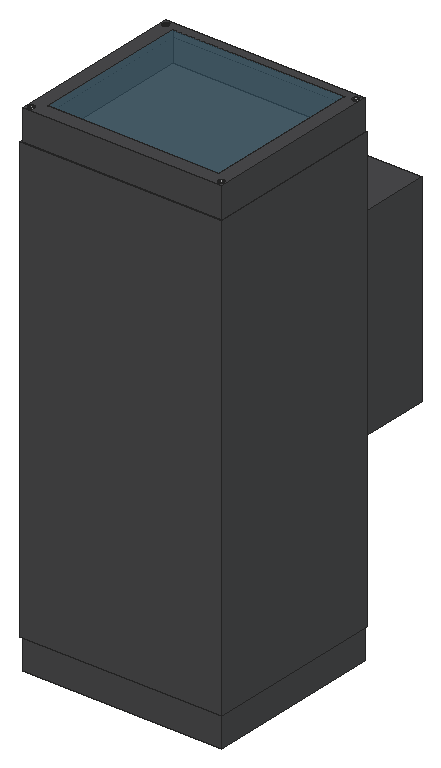
Revit family "LED QUADRATE 02_AM24W.2.12", category Luminarias, Revit 2019
Family settings
  Cota de conector redondo = Diámetro de uso
  Tipo de pieza = Normal
  Se basa en plano de trabajo = Sí
  Siempre vertical = No
  Corte con vacíos al cargar = No
  Origen de luz = Sí
  Compartido = No
  Punto de cálculo de habitación = No
Parameters (values of type "LED QUADRATE 02_AM24W.2.12")
  Ángulo de inclinación = 60.00°
  Ángulo de enfoque = 12.00°
  Ángulo de campo de foco = 12.00°
  Zone [instance] = ""
  Watt per fixture = 26.5
  Wattage = 26.5 W
  built-in parameter 1150107 = 3000 (stored number, unit not read)
  built-in parameter 1150110 = 1 (stored number, unit not read)
  built-in parameter 1150109 = 1 (stored number, unit not read)
  built-in parameter 1150112 = 1 (stored number, unit not read)
  built-in parameter 1150113 = 1 (stored number, unit not read)
  built-in parameter 1114218 = 1 (stored number, unit not read)
  Keynote = ""
  built-in parameter 1150137 = (empty or 0)
  built-in parameter 1150132 = (empty or 0)
  Modelo = "AM24W.2.12"
  Lámpara = "NICHIA"
  Longitud de símbolo de origen de luz = 1000 mm
  built-in parameter 1150105 = 8365.2 (stored number, unit not read)
  built-in parameter 1150102 = (empty or 0)
  built-in parameter 1150106 = 83.652 (stored number, unit not read)
  Lumens = 2501.86 lm
  Color Filter = 16777215
  built-in parameter 1114217 = 1 (stored number, unit not read)
  built-in parameter 1150139 = (empty or 0)
  Fabricante = "BRILLANT"
  Default Elevation = 0 mm
  built-in parameter 1150104 = 8.771 (stored number, unit not read)
  Descripción = "LUMINARIA DIRIGIBLE TIPO ARBOTANTE, DOBLE HAZ DE LUZ (UP & DOWN), DE MATERIAL EN ALUMINIO FUNDIDO A PRESION CUBIERTO CON POLVO GRIS OSCURO Y VIDRIO DE 3MM, CON UN PESO DE 3KG, CON 2 LED TIPO NICHIA Y UNA POTENCIA TOTAL DE 26.5W, 2X1251 LUMENES, TEMPERATURA EN BLANCO CALIDO 3000K, IRC 80, IP 65, IK 06, APERTURA DE 12 GRADOS POR PROYECTO, CORRIENTE DE OPERACIÓN 211mA, CABLE DE 0.3M, ALIMENTADO A 100-240VAC"
  built-in parameter 1150115 = 1 (stored number, unit not read)
  built-in parameter 1150114 = 1 (stored number, unit not read)
  Comentarios de vataje = "100-240V"
  built-in parameter 1150138 = (empty or 0)
  built-in parameter 1150134 = (empty or 0)
  Circuit [instance] = ""
  Dimming Lamp Color Temperature Shift = (empty or 0)
  built-in parameter 1150133 = 10 (stored number, unit not read)
Reference planes
  plane 1 "Centro (Frontal/Posterior)": y = 0
  plane 2: z = 0
  plane 3 "Centro (Izquierda/Derecha)": x = 0
Forms (mm)
  Revolve 1, solid, material "Cristal", not visible
    sketch origin (-152, 0, 0) x (0, 1, 0) y (0, 0, -1)
      loop
        line (0, -8.749) -> (0, -7.25) -> (-1.499, -7.25)
        arc (-1.499, -7.25) -> (-1.06, -8.31) -> (0, -8.749) r 1.499
      axis (0, -7.25) -> (-1.499, -7.25)
    angle from 0 to 360
  Revolve 2, solid, material "Cristal", not visible
    sketch origin (-136, 0, 0) x (0, 1, 0) y (0, 0, -1)
      loop
        line (0, -8.749) -> (0, -7.25) -> (-1.499, -7.25)
        arc (-1.499, -7.25) -> (-1.06, -8.31) -> (0, -8.749) r 1.499
      axis (0, -7.25) -> (-1.499, -7.25)
    angle from 0 to 360
  Revolve 3, solid, material "Cristal", not visible
    sketch origin (-120, 0, 0) x (0, 1, 0) y (0, 0, -1)
      loop
        line (0, -8.749) -> (0, -7.25) -> (-1.499, -7.25)
        arc (-1.499, -7.25) -> (-1.06, -8.31) -> (0, -8.749) r 1.499
      axis (0, -7.25) -> (-1.499, -7.25)
    angle from 0 to 360
  Revolve 4, solid, material "Cristal", not visible
    sketch origin (-104, 0, 0) x (0, 1, 0) y (0, 0, -1)
      loop
        line (0, -8.749) -> (0, -7.25) -> (-1.499, -7.25)
        arc (-1.499, -7.25) -> (-1.06, -8.31) -> (0, -8.749) r 1.499
      axis (0, -7.25) -> (-1.499, -7.25)
    angle from 0 to 360
  Revolve 5, solid, material "Cristal", not visible
    sketch origin (-88, 0, 0) x (0, 1, 0) y (0, 0, -1)
      loop
        line (0, -8.749) -> (0, -7.25) -> (-1.499, -7.25)
        arc (-1.499, -7.25) -> (-1.06, -8.31) -> (0, -8.749) r 1.499
      axis (0, -7.25) -> (-1.499, -7.25)
    angle from 0 to 360
  Revolve 6, solid, material "Cristal", not visible
    sketch origin (-72, 0, 0) x (0, 1, 0) y (0, 0, -1)
      loop
        line (0, -8.749) -> (0, -7.25) -> (-1.499, -7.25)
        arc (-1.499, -7.25) -> (-1.06, -8.31) -> (0, -8.749) r 1.499
      axis (0, -7.25) -> (-1.499, -7.25)
    angle from 0 to 360
  Revolve 7, solid, material "Cristal", not visible
    sketch origin (-56, 0, 0) x (0, 1, 0) y (0, 0, -1)
      loop
        line (0, -8.749) -> (0, -7.25) -> (-1.499, -7.25)
        arc (-1.499, -7.25) -> (-1.06, -8.31) -> (0, -8.749) r 1.499
      axis (0, -7.25) -> (-1.499, -7.25)
    angle from 0 to 360
  Revolve 8, solid, material "Cristal", not visible
    sketch origin (-40, 0, 0) x (0, 1, 0) y (0, 0, -1)
      loop
        line (0, -8.749) -> (0, -7.25) -> (-1.499, -7.25)
        arc (-1.499, -7.25) -> (-1.06, -8.31) -> (0, -8.749) r 1.499
      axis (0, -7.25) -> (-1.499, -7.25)
    angle from 0 to 360
  Revolve 9, solid, material "Cristal", not visible
    sketch origin (-24, 0, 0) x (0, 1, 0) y (0, 0, -1)
      loop
        line (0, -8.749) -> (0, -7.25) -> (-1.499, -7.25)
        arc (-1.499, -7.25) -> (-1.06, -8.31) -> (0, -8.749) r 1.499
      axis (0, -7.25) -> (-1.499, -7.25)
    angle from 0 to 360
  Revolve 10, solid, material "Cristal", not visible
    sketch origin (-8, 0, 0) x (0, 1, 0) y (0, 0, -1)
      loop
        line (0, -8.749) -> (0, -7.25) -> (-1.499, -7.25)
        arc (-1.499, -7.25) -> (-1.06, -8.31) -> (0, -8.749) r 1.499
      axis (0, -7.25) -> (-1.499, -7.25)
    angle from 0 to 360
  Revolve 11, solid, material "Cristal", not visible
    sketch origin (8, 0, 0) x (0, 1, 0) y (0, 0, -1)
      loop
        line (0, -8.749) -> (0, -7.25) -> (-1.499, -7.25)
        arc (-1.499, -7.25) -> (-1.06, -8.31) -> (0, -8.749) r 1.499
      axis (0, -7.25) -> (-1.499, -7.25)
    angle from 0 to 360
  Revolve 12, solid, material "Cristal", not visible
    sketch origin (24, 0, 0) x (0, 1, 0) y (0, 0, -1)
      loop
        line (0, -8.749) -> (0, -7.25) -> (-1.499, -7.25)
        arc (-1.499, -7.25) -> (-1.06, -8.31) -> (0, -8.749) r 1.499
      axis (0, -7.25) -> (-1.499, -7.25)
    angle from 0 to 360
  Revolve 13, solid, material "Cristal", not visible
    sketch origin (40, 0, 0) x (0, 1, 0) y (0, 0, -1)
      loop
        line (0, -8.749) -> (0, -7.25) -> (-1.499, -7.25)
        arc (-1.499, -7.25) -> (-1.06, -8.31) -> (0, -8.749) r 1.499
      axis (0, -7.25) -> (-1.499, -7.25)
    angle from 0 to 360
  Revolve 14, solid, material "Cristal", not visible
    sketch origin (56, 0, 0) x (0, 1, 0) y (0, 0, -1)
      loop
        line (0, -8.749) -> (0, -7.25) -> (-1.499, -7.25)
        arc (-1.499, -7.25) -> (-1.06, -8.31) -> (0, -8.749) r 1.499
      axis (0, -7.25) -> (-1.499, -7.25)
    angle from 0 to 360
  Revolve 15, solid, material "Cristal", not visible
    sketch origin (72, 0, 0) x (0, 1, 0) y (0, 0, -1)
      loop
        line (0, -8.749) -> (0, -7.25) -> (-1.499, -7.25)
        arc (-1.499, -7.25) -> (-1.06, -8.31) -> (0, -8.749) r 1.499
      axis (0, -7.25) -> (-1.499, -7.25)
    angle from 0 to 360
  Revolve 16, solid, material "Cristal", not visible
    sketch origin (88, 0, 0) x (0, 1, 0) y (0, 0, -1)
      loop
        line (0, -8.749) -> (0, -7.25) -> (-1.499, -7.25)
        arc (-1.499, -7.25) -> (-1.06, -8.31) -> (0, -8.749) r 1.499
      axis (0, -7.25) -> (-1.499, -7.25)
    angle from 0 to 360
  Revolve 17, solid, material "Cristal", not visible
    sketch origin (104, 0, 0) x (0, 1, 0) y (0, 0, -1)
      loop
        line (0, -8.749) -> (0, -7.25) -> (-1.499, -7.25)
        arc (-1.499, -7.25) -> (-1.06, -8.31) -> (0, -8.749) r 1.499
      axis (0, -7.25) -> (-1.499, -7.25)
    angle from 0 to 360
  Revolve 18, solid, material "Cristal", not visible
    sketch origin (120, 0, 0) x (0, 1, 0) y (0, 0, -1)
      loop
        line (0, -8.749) -> (0, -7.25) -> (-1.499, -7.25)
        arc (-1.499, -7.25) -> (-1.06, -8.31) -> (0, -8.749) r 1.499
      axis (0, -7.25) -> (-1.499, -7.25)
    angle from 0 to 360
  Revolve 19, solid, material "Cristal", not visible
    sketch origin (136, 0, 0) x (0, 1, 0) y (0, 0, -1)
      loop
        line (0, -8.749) -> (0, -7.25) -> (-1.499, -7.25)
        arc (-1.499, -7.25) -> (-1.06, -8.31) -> (0, -8.749) r 1.499
      axis (0, -7.25) -> (-1.499, -7.25)
    angle from 0 to 360
  Revolve 20, solid, material "Cristal", not visible
    sketch origin (152, 0, 0) x (0, 1, 0) y (0, 0, -1)
      loop
        line (0, -8.749) -> (0, -7.25) -> (-1.499, -7.25)
        arc (-1.499, -7.25) -> (-1.06, -8.31) -> (0, -8.749) r 1.499
      axis (0, -7.25) -> (-1.499, -7.25)
    angle from 0 to 360
  Extrusion 21, solid, material "Default Form"
    sketch origin (0, -22.645, 0) x (1, 0, 0) y (0, 1, 0)
      loop
        line (-50, -23.355) -> (-50, -113.355) -> (50, -113.355) -> (50, -23.355) -> (-50, -23.355)
    from 0 to 249.594
  Extrusion 22, void
    sketch origin (0, -22.645, 0) x (1, 0, 0) y (0, 1, 0)
      loop
        line (-42.5, -28.071) -> (-42.5, -105.586) -> (42.5, -105.586) -> (42.5, -28.071) -> (-42.5, -28.071)
    from 0 to 8.669
  Extrusion 23, solid, material "Cristal"
    sketch origin (0, -46, -127.046) x (0, -1, 0) y (1, 0, 0)
      loop
        line (4.715, -42.5) -> (82.231, -42.5) -> (82.231, 42.5) -> (4.715, 42.5) -> (4.715, -42.5)
    from 127.046 to 130.208
  Extrusion 24, void
    sketch origin (0, -46, -129.011) x (0, -1, 0) y (1, 0, 0)
      loop
        circle (3.34, -47.069) r 1.481
      loop
        circle (3.34, 47.069) r 1.481
      loop
        circle (86.66, -47.069) r 1.481
      loop
        circle (86.66, 47.069) r 1.481
    from 129.011 to 130.208
  Extrusion 25, solid, material "Acero Inoxidable"
    sketch origin (0, -46, 0) x (1, 0, 0) y (0, 1, 0)
      loop
        circle (-47.069, -3.34) r 1.228
      loop
        line (-48.018, -3.34) -> (-47.544, -4.162) -> (-46.595, -4.162) -> (-46.121, -3.34) -> (-46.595, -2.519) -> (-47.544, -2.519) -> (-48.018, -3.34)
      loop
        circle (47.069, -3.34) r 1.228
      loop
        line (46.121, -3.34) -> (46.595, -4.162) -> (47.544, -4.162) -> (48.018, -3.34) -> (47.544, -2.519) -> (46.595, -2.519) -> (46.121, -3.34)
      loop
        circle (47.069, -86.66) r 1.228
      loop
        line (46.121, -86.66) -> (46.595, -87.481) -> (47.544, -87.481) -> (48.018, -86.66) -> (47.544, -85.838) -> (46.595, -85.838) -> (46.121, -86.66)
      loop
        circle (-47.069, -86.66) r 1.228
      loop
        line (-48.018, -86.66) -> (-47.544, -87.481) -> (-46.595, -87.481) -> (-46.121, -86.66) -> (-46.595, -85.838) -> (-47.544, -85.838) -> (-48.018, -86.66)
    from 0 to 1.197
  Extrusion 26, solid, material "Default Form"
    sketch origin (0, 0, 0) x (1, 0, 0) y (0, 1, 0)
      loop
        line (-40.142, -46) -> (40.142, -46) -> (40.142, 0) -> (-40.142, 0) -> (-40.142, -46)
    from 91.302 to 190.909
  Extrusion 27, void
    sketch origin (0, 0, 0) x (1, 0, 0) y (0, 1, 0)
      loop
        line (-52.9, -44.226) -> (-52.9, -139.226) -> (52.893, -139.226) -> (52.893, -44.226) -> (-52.9, -44.226)
      loop
        line (-49.2, -46.8) -> (-49.2, -135.2) -> (49.2, -135.2) -> (49.2, -46.8) -> (-49.2, -46.8)
    from 0 to 15
  Revolve 28, void
    sketch origin (0, -89.473, 0) x (1, 0, 0) y (0, 0, -1)
      loop
        spline (0, -15) -> (2.98, -14.946) -> (5.908, -14.784) -> (8.736, -14.518) -> (11.414, -14.152) -> (13.897, -13.692) -> (16.142, -13.146) -> (18.111, -12.523) -> (19.77, -11.834) -> (21.091, -11.092) -> (22.051, -10.307) -> (22.633, -9.495) -> (22.829, -8.669)
        line (22.829, -8.669) -> (0, -8.669) -> (0, -15)
      axis (0, -8.669) -> (0, -15)
    angle from 0 to 360
  Extrusion 29, solid, material "Cristal"
    sketch origin (0, -46, 119.386) x (1, 0, 0) y (0, 1, 0)
      loop
        line (-42.5, -4.715) -> (-42.5, -82.231) -> (42.5, -82.231) -> (42.5, -4.715) -> (-42.5, -4.715)
    from 127.046 to 130.208
  Extrusion 30, void
    sketch origin (0, -22.645, 234.594) x (0, -1, 0) y (1, 0, 0)
      loop
        line (28.071, -42.5) -> (105.586, -42.5) -> (105.586, 42.5) -> (28.071, 42.5) -> (28.071, -42.5)
    from 0 to 8.669
  Extrusion 31, void
    sketch origin (0, 0, 234.594) x (0, -1, 0) y (1, 0, 0)
      loop
        line (44.226, -52.9) -> (139.226, -52.9) -> (139.226, 52.893) -> (44.226, 52.893) -> (44.226, -52.9)
      loop
        line (46.8, -49.2) -> (135.2, -49.2) -> (135.2, 49.2) -> (46.8, 49.2) -> (46.8, -49.2)
    from 0 to 15
  Revolve 32, void
    sketch origin (0, -89.473, 249.739) x (1, 0, 0) y (0, 0, -1)
      loop
        line (0, 15) -> (0, 8.669) -> (22.829, 8.669)
        spline (22.829, 8.669) -> (22.633, 9.495) -> (22.051, 10.307) -> (21.091, 11.092) -> (19.77, 11.834) -> (18.111, 12.523) -> (16.142, 13.146) -> (13.897, 13.692) -> (11.414, 14.152) -> (8.736, 14.518) -> (5.908, 14.784) -> (2.98, 14.946) -> (0, 15)
      axis (0, 8.669) -> (0, 15)
    angle from 0 to 360
  Extrusion 33, void
    sketch origin (0, -46, 119.386) x (1, 0, 0) y (0, 1, 0)
      loop
        circle (-47.069, -3.34) r 1.481
      loop
        circle (47.069, -3.34) r 1.481
      loop
        circle (-47.069, -86.66) r 1.481
      loop
        circle (47.069, -86.66) r 1.481
    from 129.011 to 130.208
  Extrusion 34, solid, material "Acero Inoxidable"
    sketch origin (0, -46, 248.397) x (0, -1, 0) y (1, 0, 0)
      loop
        circle (3.34, -47.069) r 1.228
      loop
        line (3.34, -48.018) -> (4.162, -47.544) -> (4.162, -46.595) -> (3.34, -46.121) -> (2.519, -46.595) -> (2.519, -47.544) -> (3.34, -48.018)
      loop
        circle (3.34, 47.069) r 1.228
      loop
        line (3.34, 46.121) -> (4.162, 46.595) -> (4.162, 47.544) -> (3.34, 48.018) -> (2.519, 47.544) -> (2.519, 46.595) -> (3.34, 46.121)
      loop
        circle (86.66, 47.069) r 1.228
      loop
        line (86.66, 46.121) -> (87.481, 46.595) -> (87.481, 47.544) -> (86.66, 48.018) -> (85.838, 47.544) -> (85.838, 46.595) -> (86.66, 46.121)
      loop
        circle (86.66, -47.069) r 1.228
      loop
        line (86.66, -48.018) -> (87.481, -47.544) -> (87.481, -46.595) -> (86.66, -46.121) -> (85.838, -46.595) -> (85.838, -47.544) -> (86.66, -48.018)
    from 0 to 1.197
  Extrusion 35, void
    sketch origin (0, 0, 0) x (1, 0, 0) y (0, 1, 0)
      loop
        line (-42.5, -50.715) -> (-42.5, -128.231) -> (42.5, -128.231) -> (42.5, -50.715) -> (-42.5, -50.715)
    from 234.594 to 249.594
Cuts and joins
  Extrusion 22, Extrusion 24, Extrusion 27, Revolve 28, Extrusion 30, Extrusion 31, Revolve 32, Extrusion 33, Extrusion 35 cuts Extrusion 21
  Extrusion 30, Extrusion 35 cuts Extrusion 23
  Extrusion 33 cuts Extrusion 25
Lines and regions (mm)
  model lines
    curve 1: line (0, -136, 0) -> (0, 0, 0)
Dimensions and locks
  equal spacing: Extrusion 21 sketch curve, plane 3 "Centro (Izquierda/Derecha)", Extrusion 21 sketch curve
  Extrusion 21 sketch curve to plane 3 "Centro (Izquierda/Derecha)" = 50 mm
  Extrusion 21 sketch curve to Extrusion 21 sketch curve = 90 mm
  cut or joined group 1 (Extrusion 21, Extrusion 22, Extrusion 24, Extrusion 27, Revolve 28, Extrusion 30, Extrusion 31, Revolve 32, Extrusion 33, Extrusion 35) to cut or joined group 1 = 249.594 mm
  cut or joined group 1 to cut or joined group 1 = 100 mm
  cut or joined group 1 to cut or joined group 1 = 90 mm
  equal spacing: Extrusion 26 sketch curve, curve 1, Extrusion 26 sketch curve
  locked: Extrusion 26 to Extrusion 26 at 99.607
  Extrusion 26 to Extrusion 26 = 80.283 mm
  aligned and locked: level to plane 2
  aligned and locked: cut or joined group 1 to Extrusion 25
Connectors
  electrical at (0, 0, 141.106)
    settings: on Extrusion 26, index 1, voltage 240 V, apparent load 0 VA, apparent load phase1 0 VA, apparent load phase2 0 VA, apparent load phase3 0 VA, power factor 1, load classification "Otro", number of poles 1, system type 31, power factor state 1, is connector primary yes, connector utility no, sub classification motor no, connector description ""
